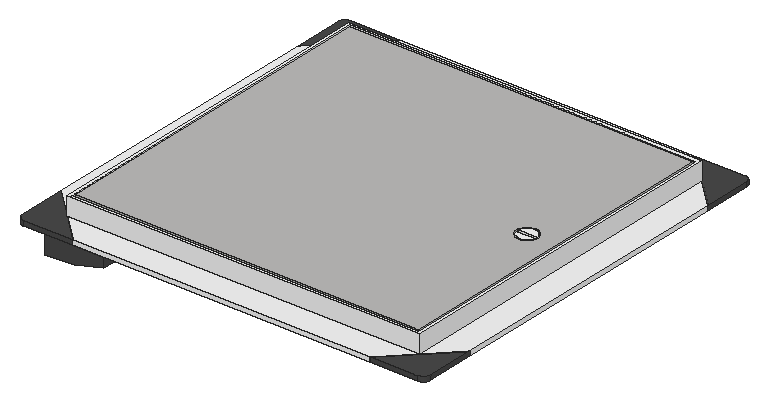
Revit family "Access_Door-Acudor-Bauco_Plus-BP-58_Series", category Specialty Equipment, host Face, Revit 2014
Parameters (values of type "BP-58 12x12")
  Width = 12"
  Wall Mounted = not(Ceiling Mounted)  # yes
  URL = "http://acudor.com/"
  Type Comments = ""
  SC - stainless steel screwdriver operated cam latch = no
  Product Page URL = "https://www.acudor.com/products/drywall-acces-doors/bp-58"
  Product Documentation Link = "https://www.acudor.com/images/acudor/accessdoors/drywall/BP58/BP-58_PS.pdf"
  Model = "BP-58 12x12"
  Material = "Aluminum Extrusion-Acudor-Mill Finish"  # constant formula
  Manufacturer = "Acudor"
  Length = 25/32"  # constant formula
  Installation Type = if(Wall Mounted, "Wall Mounted", "Ceiling Mounted")  # "Wall Mounted"
  Height = 12"
  Finish = Aluminum Extrusion-Acudor-Mill Finish
  Drywall Thickness = if([1/2" Drywall], 1/2", 5" / 8)  # 5/8"
  Description = "Bauco Plus-Drywall Panel Door"  # constant formula
  Default Elevation = 48"
  Ceiling Mounted = no
  Assembly Code = "C1020700"
  5/8" Drywall = not([1/2" Drywall])  # yes
  1/2" Drywall = no
Types (5): name | Width | Model | Height
  (no name) | 12" | "BP-58 12x12" | 12"
  BP-58 12x12 | 12" | "BP-58 12x12" | 12"
  BP-58 18x18 | 18" | "BP-58 18x18" | 18"
  BP-58 24x24 | 24" | "BP-58 24x24" | 24"
  BP-58 24x36 | 24" | "BP-58 24x36" | 36"
Reference planes (in)
  plane 1 "Center (Front/Back)": y = 0
  plane 2: z = 0
  plane 3 "Center (Left/Right)": x = 0
  plane 4: y = 6
  plane 5: y = -6
  plane 6: x = 6
  plane 7: x = -6
  plane 8: z = -0.78125
  plane 9: z = -0.625
  plane 10: y = 7.15362
  plane 11: y = -7.15362
  plane 12: x = -7.15362
  plane 13: x = 7.15362
  plane 14: x = 5
  plane 15: z = -1.43898
Forms (in)
  Sweep 1, solid, material "Aluminum Extrusion-Acudor-Mill Finish" <- "Finish"
    path origin (0, 0, 0) x (1, 0, 0) y (0, 1, 0)
      loop
        line (-6, 6) -> (-6, -6) -> (6, -6) -> (6, 6) -> (-6, 6)
    profile origin (0, 6, 0) x (0, 1, 0) y (0, 0, 1)
      loop
        line (-3, -0.78125) -> (1.15362, -0.78125) -> (1.15362, -0.625) -> (0.17743, -0.625) -> (0.17743, 0) -> (0.08871, 0) -> (0.08871, -0.625) -> (-3, -0.625) -> (-3, -0.78125)
  Extrusion 2, solid, material "Drywall-Acudor-White"
    sketch origin (0, 0, 0) x (1, 0, 0) y (0, 1, 0)
      loop
        line (-6, 6) -> (-6, -6) -> (6, -6) -> (6, 6) -> (-6, 6)
      loop
        circle (5, 0) r 0.375
    from -0.625 to 0
  Extrusion 3, solid, material "Aluminum Extrusion-Acudor-Mill Finish" <- "Finish"
    sketch origin (0, 0, 0) x (1, 0, 0) y (0, 1, 0)
      loop
        line (-3, 3) -> (-3, -3) -> (3, -3) -> (3, 3) -> (-3, 3)
    from -0.78125 to -0.625
  Extrusion 4, void
    sketch origin (0, 0, 0) x (1, 0, 0) y (0, 1, 0)
      loop
        line (-6.17743, 6.17743) -> (-6.17743, -6.17743) -> (6.17743, -6.17743) -> (6.17743, 6.17743) -> (-6.17743, 6.17743)
    from -0.78125 to 0
  Extrusion 5, solid, material "Aluminum Extrusion-Acudor-Mill Finish" <- "Finish"
    sketch origin (0, 0, 0) x (1, 0, 0) y (0, 1, 0)
      loop
        arc (5.3283, 0.04813) -> (5, 0.33181) -> (4.6717, 0.04813) r 0.33181
        line (4.6717, 0.04813) -> (5.3283, 0.04813)
      loop
        arc (4.67343, -0.04813) -> (5, -0.33009) -> (5.32657, -0.04813) r 0.33009
        line (5.32657, -0.04813) -> (4.67343, -0.04813)
    from -0.625 to 0
  Extrusion 6, solid, material "Plastic-Acudor-Black"
    sketch origin (0, 0, 0) x (1, 0, 0) y (0, 1, 0)
      loop
        line (-6.17743, 6.17743) -> (-6.17743, 4.17743) -> (-6.08871, 4.17743) -> (-6.08871, 6.08871) -> (-4.08871, 6.08871) -> (-4.08871, 6.17743) -> (-6.17743, 6.17743)
      loop
        line (6.17743, 6.17743) -> (4.08871, 6.17743) -> (4.08871, 6.08871) -> (6.08871, 6.08871) -> (6.08871, 4.17743) -> (6.17743, 4.17743) -> (6.17743, 6.17743)
      loop
        line (-6.17743, -6.17743) -> (-4.08871, -6.17743) -> (-4.08871, -6.08871) -> (-6.08871, -6.08871) -> (-6.08871, -4.17743) -> (-6.17743, -4.17743) -> (-6.17743, -6.17743)
      loop
        line (6.17743, -6.17743) -> (6.17743, -4.17743) -> (6.08871, -4.17743) -> (6.08871, -6.08871) -> (4.08871, -6.08871) -> (4.08871, -6.17743) -> (6.17743, -6.17743)
    from -1.43898 to -0.78125
  Extrusion 7, solid, material "Plastic-Acudor-Black"
    sketch origin (0, 0, 0) x (1, 0, 0) y (0, 0, 1)
      loop
        arc (-6.17743, -1.43898) -> (-5.11664, -1.37889) -> (-4.08871, -1.11012) r 5.34375
        line (-4.08871, -1.11012) -> (-4.08871, -0.78125) -> (-6.17743, -0.78125) -> (-6.17743, -1.43898)
    from 6.17743 to 7.15362
  Extrusion 8, solid, material "Plastic-Acudor-Black"
    sketch origin (0, 0, 0) x (1, 0, 0) y (0, 0, 1)
      loop
        line (-4.08871, -1.11012) -> (-4.08871, -0.78125) -> (-6.17743, -0.78125) -> (-6.17743, -1.43898)
        arc (-6.17743, -1.43898) -> (-5.11664, -1.37889) -> (-4.08871, -1.11012) r 5.34375
    from -7.15362 to -6.08871
  Extrusion 9, void
    sketch origin (0, 0, 0) x (1, 0, 0) y (0, 1, 0)
      loop
        line (-5.20123, 7.15362) -> (-7.15362, 7.15362) -> (-7.15362, 5.20123) -> (-5.20123, 7.15362)
      loop
        line (5.20123, 7.15362) -> (7.15362, 5.20123) -> (7.15362, 7.15362) -> (5.20123, 7.15362)
      loop
        line (-5.20123, -7.15362) -> (-7.15362, -5.20123) -> (-7.15362, -7.15362) -> (-5.20123, -7.15362)
      loop
        line (5.20123, -7.15362) -> (7.15362, -7.15362) -> (7.15362, -5.20123) -> (5.20123, -7.15362)
    from -0.78125 to -0.625
  Extrusion 10, solid, material "Plastic-Acudor-Black"
    sketch origin (0, 0, 0) x (1, 0, 0) y (0, 1, 0)
      loop
        line (-7.15362, 5.20123) -> (-5.20123, 7.15362) -> (-6.90362, 7.15362)
        arc (-6.90362, 7.15362) -> (-7.0804, 7.0804) -> (-7.15362, 6.90362) r 0.25
        line (-7.15362, 6.90362) -> (-7.15362, 5.20123)
      loop
        line (7.15362, 5.20123) -> (7.15362, 6.90362)
        arc (7.15362, 6.90362) -> (7.0804, 7.0804) -> (6.90362, 7.15362) r 0.25
        line (6.90362, 7.15362) -> (5.20123, 7.15362) -> (7.15362, 5.20123)
      loop
        line (-7.15362, -5.20123) -> (-7.15362, -6.90362)
        arc (-7.15362, -6.90362) -> (-7.0804, -7.0804) -> (-6.90362, -7.15362) r 0.25
        line (-6.90362, -7.15362) -> (-5.20123, -7.15362) -> (-7.15362, -5.20123)
      loop
        line (7.15362, -5.20123) -> (5.20123, -7.15362) -> (6.90362, -7.15362)
        arc (6.90362, -7.15362) -> (7.0804, -7.0804) -> (7.15362, -6.90362) r 0.25
        line (7.15362, -6.90362) -> (7.15362, -5.20123)
    from -0.78125 to -0.625
Cuts and joins
  Extrusion 9 cuts Sweep 1
  joined: Sweep 1, Extrusion 3, Extrusion 5
  joined: Extrusion 7, Extrusion 8
  joined: Extrusion 6, Extrusion 10
Lines and regions (in)
  Masking region 1
    outline origin (0, 0, 0) x (1, 0, 0) y (0, 0, 1)
      loop
        line (4.08871, -0.78125) -> (4.08871, -1.43898) -> (6.17743, -1.43898) -> (6.17743, -0.78125) -> (7.15362, -0.78125) -> (7.15362, -0.625) -> (6.17743, -0.625) -> (6.17743, 0) -> (-6.17743, 0) -> (-6.17743, -0.625) -> (-7.15362, -0.625) -> (-7.15362, -0.78125) -> (-6.17743, -0.78125) -> (-6.17743, -1.43898) -> (-4.08871, -1.43898) -> (-4.08871, -0.78125) -> (4.08871, -0.78125)
  symbolic lines, detail levels medium+fine
    curve 1: line (6.17743, 0, -0.625) -> (-6.17743, 0, -0.625)
    curve 2: line (-6.17743, 0, -0.78125) -> (6.17743, 0, -0.78125)
    curve 3: arc (-6.17743, 0, -1.43898) -> (-5.11664, 0, -1.37889) -> (-4.08871, 0, -1.11012) r 5.34375
    curve 4: line (6.17743, 0, -0.78125) -> (6.17743, 0, -0.625)
    curve 5: line (-6.17743, 0, -0.78125) -> (-6.17743, 0, -0.625)
Dimensions and locks (in)
  "Height": plane 4 to plane 5
  equal spacing: plane 7, plane 3 "Center (Left/Right)", plane 6
  "Width": plane 7 to plane 6
  "Length": plane 8 to level
  "Drywall Thickness": plane 9 to level
  locked: plane 10 to plane 4 at 1.15362
  locked: plane 5 to plane 11 at 1.15362
  locked: plane 12 to plane 7 at 1.15362
  locked: plane 6 to plane 13 at 1.15362
  equal spacing: Sweep 1 sketch curve, Sweep 1 sketch curve, profile plane
  locked: Sweep 1 sketch curve to profile plane at 0.17743
  locked: plane 4 to Sweep 1 sketch curve at 3
  locked: plane 14 to plane 6 at 1
  equal spacing: Extrusion 5 sketch curve, plane 1 "Center (Front/Back)", Extrusion 5 sketch curve
  locked: Extrusion 5 sketch curve to Extrusion 5 sketch curve at 0.09625
  locked: cut or joined group of Sweep 1, Extrusion 3, Extrusion 5, Extrusion 9 to Extrusion 6 sketch curve at 2
  locked: Extrusion 6 sketch curve to Extrusion 6 sketch curve at 2  (x2)
  locked: Extrusion 6 sketch curve to Extrusion 6 sketch curve at 2.08871
  locked: plane 15 to plane 8 at 0.65773
  locked: Extrusion 7 sketch curve to plane 8 at 0.32887
  locked: plane 12 to Extrusion 9 sketch curve at 1.95239  (x2)
  locked: plane 10 to Extrusion 9 sketch curve at 1.95239  (x2)
  locked: Extrusion 9 sketch curve to plane 13 at 1.95239  (x2)
  locked: plane 11 to Extrusion 9 sketch curve at 1.95239  (x2)
  equal spacing: plane 4, plane 1 "Center (Front/Back)", plane 5
  radius of Extrusion 2 sketch curve = 3/8"
  diameter of Extrusion 5 sketch curve = 0.66362"
  diameter of Extrusion 5 sketch curve = 0.66019"
  radius of Extrusion 10 sketch curve = 1/4"  (x4)
  aligned and locked: plane 2 to host face
  aligned and locked: level to host face
  aligned and locked: Sweep 1 sketch curve to plane 4
  aligned and locked: Sweep 1 sketch curve to plane 7
  aligned and locked: Sweep 1 sketch curve to plane 5
  aligned and locked: Sweep 1 sketch curve to plane 6
  aligned and locked: Sweep 1 sketch curve to level
  aligned and locked: plane 9 to Sweep 1 sketch curve  (x2)
  aligned and locked: Sweep 1 sketch curve to plane 10
  aligned and locked: Sweep 1 sketch curve to plane 8
  aligned and locked: Extrusion 2 sketch curve to plane 4
  aligned and locked: Extrusion 2 sketch curve to plane 7
  aligned and locked: Extrusion 2 sketch curve to plane 5
  aligned and locked: Extrusion 2 sketch curve to plane 6
  aligned and locked: plane 9 to Extrusion 2
  aligned and locked: level to Extrusion 2
  aligned and locked: Extrusion 3 sketch curve to Sweep 1  (x4)
  aligned and locked: plane 8 to Extrusion 3
  aligned and locked: Extrusion 3 to plane 9
  aligned and locked: Extrusion 4 sketch curve to cut or joined group of Sweep 1, Extrusion 3, Extrusion 5, Extrusion 9  (x4)
  aligned and locked: plane 8 to Extrusion 4
  aligned and locked: level to Extrusion 4
  aligned and locked: plane 14 to Extrusion 2 sketch curve
  aligned and locked: plane 1 "Center (Front/Back)" to Extrusion 2 sketch curve
  aligned and locked: plane 1 "Center (Front/Back)" to Extrusion 5 sketch curve  (x2)
  aligned and locked: plane 14 to Extrusion 5 sketch curve  (x2)
  aligned and locked: plane 9 to Extrusion 5
  aligned and locked: level to Extrusion 5
  aligned and locked: Extrusion 6 sketch curve to cut or joined group of Sweep 1, Extrusion 3, Extrusion 5, Extrusion 9  (x12)
  aligned and locked: cut or joined group of Sweep 1, Extrusion 3, Extrusion 5, Extrusion 9 to Extrusion 6 sketch curve  (x4)
  aligned and locked: Extrusion 6 sketch curve to Extrusion 6 sketch curve  (x4)
  aligned and locked: plane 15 to Extrusion 6
  aligned and locked: Extrusion 6 to plane 8
  aligned and locked: Extrusion 7 sketch curve to cut or joined group of Sweep 1, Extrusion 3, Extrusion 5, Extrusion 9
  aligned and locked: Extrusion 7 sketch curve to plane 8
  aligned and locked: plane 15 to Extrusion 7 sketch curve
  aligned and locked: Extrusion 7 to cut or joined group of Sweep 1, Extrusion 3, Extrusion 5, Extrusion 9
  aligned and locked: plane 11 to Extrusion 7
  aligned and locked: Extrusion 8 sketch curve to Extrusion 7  (x4)
  aligned and locked: plane 10 to Extrusion 8
  aligned and locked: Extrusion 8 to cut or joined group of Sweep 1, Extrusion 3, Extrusion 5, Extrusion 9
  aligned and locked: Extrusion 9 sketch curve to plane 12
  aligned and locked: Extrusion 9 sketch curve to plane 10
  aligned and locked: plane 12 to Extrusion 9 sketch curve
  aligned and locked: plane 11 to Extrusion 9 sketch curve
  aligned and locked: Extrusion 9 sketch curve to plane 11
  aligned and locked: Extrusion 9 sketch curve to plane 13
  aligned and locked: plane 13 to Extrusion 9 sketch curve
  aligned and locked: plane 10 to Extrusion 9 sketch curve
  aligned and locked: plane 8 to Extrusion 9
  aligned and locked: Extrusion 9 to plane 9
  aligned and locked: plane 12 to Extrusion 10 sketch curve
  aligned and locked: plane 10 to Extrusion 10 sketch curve
  aligned and locked: Extrusion 10 sketch curve to cut or joined group of Sweep 1, Extrusion 3, Extrusion 5, Extrusion 9  (x4)
  aligned and locked: Extrusion 10 sketch curve to plane 10
  aligned and locked: Extrusion 10 sketch curve to plane 13
  aligned and locked: Extrusion 10 sketch curve to plane 12
  aligned and locked: Extrusion 10 sketch curve to plane 11
  aligned and locked: plane 13 to Extrusion 10 sketch curve
  aligned and locked: plane 11 to Extrusion 10 sketch curve
  aligned and locked: plane 8 to Extrusion 10
  aligned and locked: Extrusion 10 to plane 9
  aligned and locked: Masking region 1 sketch curve to plane 15  (x2)
  aligned and locked: Masking region 1 sketch curve to cut or joined group of Extrusion 6, Extrusion 10  (x2)
  aligned and locked: Masking region 1 sketch curve to plane 8  (x3)
  aligned and locked: Masking region 1 sketch curve to plane 13
  aligned and locked: plane 9 to Masking region 1 sketch curve  (x2)
  aligned and locked: cut or joined group of Extrusion 6, Extrusion 10 to Masking region 1 sketch curve
  aligned and locked: Masking region 1 sketch curve to level
  aligned and locked: Masking region 1 sketch curve to cut or joined group of Sweep 1, Extrusion 3, Extrusion 5, Extrusion 9
  aligned and locked: Masking region 1 sketch curve to cut or joined group of Extrusion 7, Extrusion 8  (x2)
  aligned and locked: Masking region 1 sketch curve to plane 12
  aligned and locked: curve 3 to cut or joined group of Extrusion 7, Extrusion 8  (x2)
  aligned and locked: cut or joined group of Extrusion 7, Extrusion 8 to curve 3
  aligned and locked: Masking region 1 to curve 1
  aligned and locked: curve 2 to cut or joined group of Extrusion 6, Extrusion 10
  aligned and locked: curve 1 to Masking region 1
  aligned and locked: curve 2 to plane 8
  aligned and locked: plane 9 to curve 5
  aligned and locked: curve 5 to Masking region 1
  aligned and locked: plane 9 to curve 4
  aligned and locked: plane 8 to curve 4
Automatic sketch dimensions
  host sketch curve to host sketch curve = 96"  (x2)
  Extrusion 7 sketch curve to plane 7 = 0.05223"
  Extrusion 7 sketch curve to Extrusion 7 sketch curve = 2.08871"
